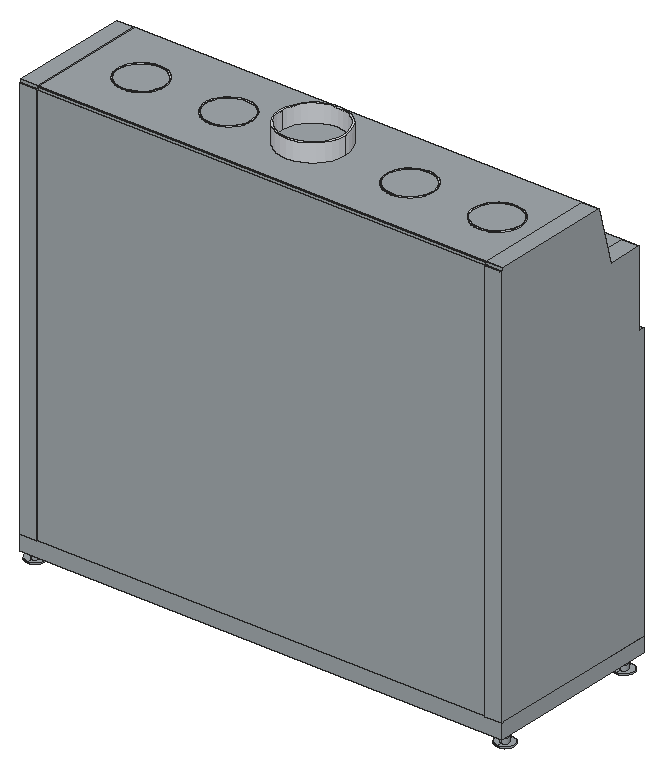
Revit family "METALFIRE_AVENUE_L_MF_1300-85_GHE_1Sa", category Mechanical Equipment, host Wall, Revit 2018
Family settings
  Host = Wall
  Round Connector Dimension = Use Diameter
  Part Type = Normal
  OmniClass Number = 23.75.00.00
  OmniClass Title = Climate Control (HVAC)
  Always vertical = Yes
  Cut with Voids When Loaded = No
  Shared = No
  Room Calculation Point = No
Parameters (values of type "MF_1300-85_GHE_1S")
  WIDTH = 1330 mm
  WEIGHT = 180.00 kg
  URL = "https://www.metalfire.eu"
  TECHNICAL SHEET = "https://www.metalfire.eu/sites/default/files/media-files/AVENUE%20L%20MF%201300-85%20GHE%201S.pdf"
  SMOKE EXHAUST = "Ø130/200 mm"
  PRODUCT SHEET = "https://www.archiproducts.com/it/prodotti/metalfire/caminetto-a-gas-chiuso-avenue-large_508485"
  PRODUCT CODE = "L MF 1300-85 GHE 1S"
  PIPE = 200 mm
  OVERALL WIDTH = 1178 mm
  OVERALL HEIGHT = 1120 mm
  OVERALL DEPTH = 444 mm
  OUTPUT = 11400 W
  Model = "Avenue"
  Manufacturer = "METALFIRE"
  MATERIAL DESCRIPTION = "Iron, galvanized steel"
  HEIGHT = 850 mm
  FRAME MATERIAL = Iron - Metalfire
  FINISHING MATERIAL = Painted steel, cast iron
  ENERGY EFFICIENCY CLASS = "B"
  Description = "The Avenue represents the gas-fired high efficiency closed fireplaces in the Metalfire range."
  BIM USER MANUAL = "https://bimcad.edilportale.com/METALFIRE-BIM-USER-MANUAL-Metalfire-bim.pdf"
  BIM BADGE = "https://bim.archiproducts.com/en/badge/bim-archiproducts-featured_658700/about"
  BIM AUTHOR = "https://bim.archiproducts.com"
Reference planes
  plane 1 "Wall": y = 0
  plane 2 "Center (Left/Right)": x = 0
  plane 3 "Back": y = 300
Forms (mm)
  Extrusion 1, void
    sketch origin (0, 300, 0) x (1, 0, 0) y (0, 0, 1)
      loop
        line (708.5, 114.8) -> (708.5, 946) -> (-717.5, 946) -> (-717.5, 114.8) -> (708.5, 114.8)
    from 0 to 508
Text (mm)
  text "Placement side" at (-1820.995, 1116.779, 0), in view "Ref. Level"
  text "Placement side" at (0, 1334.055, 2976.191), in view "Left"
  text "Placement side" at (0, 439.194, 2944.362), in view "Right"
Dimensions and locks
  locked: plane 3 "Back" to host wall
  aligned and locked: plane 1 "Wall" to host wall
  aligned and locked: nested 1 to plane 2 "Center (Left/Right)"
  aligned and locked: Extrusion 1 to plane 3 "Back"
Nested families
  nested 1: "FIREPLACE" at (0, 230, 0) x (-1, 0, 0) z (0, 0, 1), Body material <- "FRAME MATERIAL", External material <- "FINISHING MATERIAL", type "FIREPLACE"
    with External material Painted steel, cast iron, Clear glass Clear Glass - Metalfire, Body material Iron - Metalfire
Connectors
  piping at (0, -73.083, 1080), diameter 200
    settings: on nested 1, index 1, connector inside diameter 609.6 mm, connector length 0 mm, flow factor 0, pipe flow 0.0 L/s, pressure drop 0.0 Pa, fitting loss kfactor 0, connector angle 0.00°, fixture units 0, engagement length 0 mm, angle of deflection 0.00°, flow configuration 0, flow direction 2, fitting loss method 0, system type 17, joint type 0, gender type 0, connector reference index -1, connector utility 0, adjustable connector no, is connector primary yes, connector description ""
Definition of nested family "FIREPLACE"
  Parameters (values of type "FIREPLACE")
    PIPE = 200 mm
    LENGTH = 1545 mm
    HEIGHT = 1383.8 mm
    External material [instance] = none
    Clear glass [instance] = none
    Body material [instance] = none
  Reference planes
    plane 1 "Center (Front/Back)": y = 0
    plane 2: z = 0
    plane 3 "Center (Left/Right)": x = 0
    plane 4 "SX": x = -772.5
    plane 5 "DX": x = 772.5
    plane 6: z = 1383.8
    plane 7 "FEET-SX": x = -753
    plane 8 "FEET-DX": x = 753
  Forms (mm)
    Revolve 1, solid, material <- "Body material", detail levels fine
      sketch origin (-753, 0, 0) x (0, 0, 1) y (0, -1, 0)
        loop
          line (0, 0) -> (0, -30) -> (3, -30) -> (3, -12) -> (16, -12) -> (16, -8) -> (78, -8) -> (78, 0) -> (0, 0)
        axis (78, 0) -> (0, 0)
      angle from 0 to 360
    Revolve 2, solid, material <- "Body material", detail levels fine
      sketch origin (-753, 0, 0) x (0, 0, 1) y (0, -1, 0)
        loop
          line (0, -478) -> (0, -508) -> (3, -508) -> (3, -490) -> (16, -490) -> (16, -486) -> (78, -486) -> (78, -478) -> (0, -478)
        axis (78, -478) -> (0, -478)
      angle from 0 to 360
    Revolve 3, solid, material <- "Body material", detail levels fine
      sketch origin (753, 0, 0) x (0, 0, 1) y (0, -1, 0)
        loop
          line (0, 0) -> (0, -30) -> (3, -30) -> (3, -12) -> (16, -12) -> (16, -8) -> (78, -8) -> (78, 0) -> (0, 0)
        axis (78, 0) -> (0, 0)
      angle from 0 to 360
    Revolve 4, solid, material <- "Body material", detail levels fine
      sketch origin (753, 0, 0) x (0, 0, 1) y (0, -1, 0)
        loop
          line (0, -478) -> (0, -508) -> (3, -508) -> (3, -490) -> (16, -490) -> (16, -486) -> (78, -486) -> (78, -478) -> (0, -478)
        axis (78, -478) -> (0, -478)
      angle from 0 to 360
    Extrusion 5, solid, material <- "Body material", detail levels fine
      sketch origin (0, 0, 0) x (1, 0, 0) y (0, 0, 1)
        loop
          line (-772.5, 30.8) -> (772.5, 30.8) -> (772.5, 78) -> (-772.5, 78) -> (-772.5, 30.8)
      from 53 to -514
    Extrusion 6, solid, material <- "External material", detail levels medium+fine
      sketch origin (-1538.26, 0, 0) x (1, 0, 0) y (0, 0, 1)
        loop
          line (836.536, 114.8) -> (2230.536, 114.8) -> (2230.536, 946) -> (836.536, 946) -> (836.536, 114.8)
        loop
          line (826.536, 953.821) -> (826.536, 104.8) -> (2240.536, 104.8) -> (2240.536, 953.821) -> (826.536, 953.821)
      from 0 to -448
    Extrusion 7, solid, material <- "Body material", detail levels fine
      sketch origin (772.5, 0, 0) x (0, -1, 0) y (0, 0, 1)
        loop
          line (-126.133, 1383.8) -> (-512, 1383.8) -> (-512, 1374.5) -> (-512, 1373.5) -> (-513, 1373.5) -> (-514, 1373.5) -> (-514, 78) -> (-513, 78) -> (-511, 78) -> (35, 78) -> (53, 78) -> (53, 963.5) -> (34.1, 963.5) -> (34.1, 1207.5) -> (-78.894, 1207.5) -> (-126.133, 1383.8)
      from 0 to 55
    Extrusion 8, solid, material <- "Clear glass", detail levels medium+fine
      sketch origin (0, 0, 0) x (1, 0, 0) y (0, 0, 1)
        loop
          line (-708.5, 114.8) -> (708.5, 114.8) -> (708.5, 946) -> (-708.5, 946) -> (-708.5, 114.8)
      from 49.043 to 53
    Extrusion 9, solid, material <- "External material", detail levels medium+fine
      sketch origin (0, 0, 0) x (1, 0, 0) y (0, 0, 1)
        loop
          line (-708.5, 121) -> (708.5, 121) -> (708.5, 953.821) -> (-708.5, 953.821) -> (-708.5, 121)
      from -448 to -438
    Extrusion 10, solid, material <- "Body material", detail levels fine
      sketch origin (-772.5, 0, 0) x (0, -1, 0) y (0, 0, 1)
        loop
          line (-126.133, 1383.8) -> (-512, 1383.8) -> (-512, 1374.5) -> (-512, 1373.5) -> (-513, 1373.5) -> (-514, 1373.5) -> (-514, 78) -> (-513, 78) -> (-511, 78) -> (35, 78) -> (53, 78) -> (53, 963.5) -> (34.1, 963.5) -> (34.1, 1207.5) -> (-78.894, 1207.5) -> (-126.133, 1383.8)
      from 0 to -55
    Extrusion 11, solid, material <- "Body material", detail levels fine
      sketch origin (-717.5, 0, 0) x (0, 1, 0) y (0, 0, 1)
        loop
          line (126.133, 1383.8) -> (78.894, 1207.5) -> (-34.1, 1207.5) -> (-34.1, 963.5) -> (-53, 963.5) -> (-53, 78) -> (-35, 78) -> (511, 78) -> (513, 78) -> (514, 78) -> (514, 1373.5) -> (513, 1373.5) -> (512, 1373.5) -> (512, 1382.8) -> (512, 1383.8) -> (126.133, 1383.8)
      from 1435 to -55
    Extrusion 12, void
      sketch origin (0, 0, 0) x (1, 0, 0) y (0, 0, 1)
        loop
          line (-713.066, 946) -> (-713.066, 114.8) -> (689.277, 114.8) -> (689.277, 946) -> (-713.066, 946)
      from -438 to 250
    Extrusion 13, solid
      sketch origin (-717.5, 128.357, 1383.8) x (0, 1, 0) y (-1, 0, 0)
        loop
          circle (188.604, -118) r 75
        loop
          circle (188.604, -118) r 73
        loop
          circle (188.604, -398) r 75
        loop
          circle (188.604, -398) r 73
        loop
          circle (188.604, -979.5) r 75
        loop
          circle (188.604, -979.5) r 73
        loop
          circle (188.604, -1259.5) r 75
        loop
          circle (188.604, -1259.5) r 73
      from 0 to 1
    Extrusion 14, solid
      sketch origin (-764.5, 128.357, 1383.8) x (0, 1, 0) y (-1, 0, 0)
        loop
          circle (178.845, -764.5) r 105
        loop
          circle (178.845, -764.5) r 100
      from 0 to 57
  Cuts and joins
    joined: Revolve 1, Revolve 2, Revolve 3, Revolve 4
    joined: Extrusion 6, Extrusion 9
    Extrusion 12 cuts Extrusion 11
  Dimensions and locks
    equal spacing: plane 4 "SX", plane 3 "Center (Left/Right)", plane 5 "DX"
    "LENGTH": plane 4 "SX" to plane 5 "DX"
    "HEIGHT": plane 6 to level
    locked: plane 4 "SX" to plane 7 "FEET-SX" at 19.5
    locked: plane 8 "FEET-DX" to plane 5 "DX" at 19.5
    aligned and locked: level to plane 2
    aligned and locked: Extrusion 11 to Extrusion 7
  Automatic sketch dimensions
    level to Extrusion 5 sketch curve = 78 mm
    Extrusion 5 sketch curve to plane 4 "SX" = 0 mm
    plane 5 "DX" to Extrusion 5 sketch curve = 0 mm
    Extrusion 5 sketch curve to Extrusion 5 sketch curve = 47.2 mm
    Extrusion 7 sketch curve to plane 1 "Center (Front/Back)" = 514 mm
    Extrusion 7 sketch curve to Extrusion 7 sketch curve = 1 mm  (x4)
    Extrusion 7 sketch curve to Extrusion 7 sketch curve = 2 mm
    Extrusion 7 sketch curve to plane 1 "Center (Front/Back)" = 126.133 mm
    Extrusion 7 sketch curve to plane 1 "Center (Front/Back)" = 78.894 mm
    plane 1 "Center (Front/Back)" to Extrusion 7 sketch curve = 34.1 mm
    plane 1 "Center (Front/Back)" to Extrusion 7 sketch curve = 35 mm
    Extrusion 7 sketch curve to Extrusion 7 sketch curve = 18 mm
    level to Extrusion 7 sketch curve = 78 mm
    Extrusion 7 sketch curve to Extrusion 7 sketch curve = 885.5 mm
    Extrusion 7 sketch curve to Extrusion 7 sketch curve = 244 mm
    Extrusion 7 sketch curve to Extrusion 7 sketch curve = 166 mm
    Extrusion 7 sketch curve to Extrusion 7 sketch curve = 9.3 mm
    Extrusion 8 sketch curve to plane 4 "SX" = 64 mm
    plane 5 "DX" to Extrusion 8 sketch curve = 64 mm
    level to Extrusion 8 sketch curve = 114.8 mm
    Extrusion 8 sketch curve to Extrusion 8 sketch curve = 831.2 mm
    Extrusion 9 sketch curve to plane 4 "SX" = 64 mm
    plane 5 "DX" to Extrusion 9 sketch curve = 64 mm
    level to Extrusion 9 sketch curve = 121 mm
    Extrusion 9 sketch curve to Extrusion 9 sketch curve = 832.821 mm
    Extrusion 10 sketch curve to plane 1 "Center (Front/Back)" = 514 mm
    Extrusion 10 sketch curve to Extrusion 10 sketch curve = 1 mm  (x4)
    Extrusion 10 sketch curve to Extrusion 10 sketch curve = 2 mm
    Extrusion 10 sketch curve to plane 1 "Center (Front/Back)" = 126.133 mm
    Extrusion 10 sketch curve to plane 1 "Center (Front/Back)" = 78.894 mm
    plane 1 "Center (Front/Back)" to Extrusion 10 sketch curve = 34.1 mm
    plane 1 "Center (Front/Back)" to Extrusion 10 sketch curve = 35 mm
    Extrusion 10 sketch curve to Extrusion 10 sketch curve = 18 mm
    level to Extrusion 10 sketch curve = 78 mm
    Extrusion 10 sketch curve to Extrusion 10 sketch curve = 885.5 mm
    Extrusion 10 sketch curve to Extrusion 10 sketch curve = 244 mm
    Extrusion 10 sketch curve to Extrusion 10 sketch curve = 166 mm
    Extrusion 10 sketch curve to Extrusion 10 sketch curve = 9.3 mm
    Extrusion 6 sketch curve to plane 4 "SX" = 60.777 mm
    Extrusion 6 sketch curve to Extrusion 6 sketch curve = 10 mm  (x3)
    plane 5 "DX" to Extrusion 6 sketch curve = 80.223 mm
    level to Extrusion 6 sketch curve = 104.8 mm
    plane 6 to Extrusion 6 sketch curve = 437.8 mm
    Extrusion 6 sketch curve to Extrusion 6 sketch curve = 7.821 mm
    Extrusion 11 sketch curve to Extrusion 10 = 0 mm  (x9)
    Extrusion 10 to Extrusion 11 sketch curve = 0 mm  (x2)
    Extrusion 11 sketch curve to Extrusion 11 sketch curve = 1 mm  (x2)
    Extrusion 10 to Extrusion 11 sketch curve = 1 mm  (x2)
    Extrusion 11 sketch curve to Extrusion 10 = 0.9 mm
    plane 5 "DX" to Extrusion 12 sketch curve = 1485.566 mm
    level to Extrusion 12 sketch curve = 114.8 mm
    Extrusion 12 sketch curve to Extrusion 12 sketch curve = 1402.342 mm
    plane 6 to Extrusion 12 sketch curve = 437.8 mm
    Revolve 1 sketch curve to plane 1 "Center (Front/Back)" = 0 mm  (x2)
    Revolve 1 sketch curve to level = 0 mm
    level to Revolve 1 sketch curve = 3 mm
    Revolve 1 sketch curve to Revolve 1 sketch curve = 13 mm
    Revolve 1 sketch curve to Revolve 1 sketch curve = 62 mm
    Revolve 1 sketch curve to Revolve 1 sketch curve = 8 mm
    Revolve 1 sketch curve to Revolve 1 sketch curve = 4 mm
    Revolve 1 sketch curve to Revolve 1 sketch curve = 18 mm
    Revolve 1 sketch curve to level = 38.099 mm
    Revolve 1 sketch curve to Revolve 1 sketch curve = 58.901 mm
    Revolve 2 sketch curve to level = 0 mm
    level to Revolve 2 sketch curve = 3 mm
    Revolve 2 sketch curve to Revolve 2 sketch curve = 13 mm
    Revolve 2 sketch curve to Revolve 2 sketch curve = 62 mm
    Revolve 2 sketch curve to plane 1 "Center (Front/Back)" = 508 mm
    Revolve 2 sketch curve to Revolve 2 sketch curve = 18 mm
    Revolve 2 sketch curve to Revolve 2 sketch curve = 4 mm
    Revolve 2 sketch curve to Revolve 2 sketch curve = 12 mm
    Revolve 2 sketch curve to Revolve 2 sketch curve = 38.099 mm
    Revolve 2 sketch curve to Revolve 2 sketch curve = 58.901 mm
    Revolve 2 sketch curve to Revolve 2 sketch curve = 0 mm
    Revolve 3 sketch curve to plane 1 "Center (Front/Back)" = 0 mm  (x2)
    Revolve 3 sketch curve to level = 0 mm
    Revolve 3 sketch curve to level = 3 mm
    Revolve 3 sketch curve to Revolve 3 sketch curve = 13 mm
    Revolve 3 sketch curve to Revolve 3 sketch curve = 62 mm
    Revolve 3 sketch curve to Revolve 3 sketch curve = 8 mm
    Revolve 3 sketch curve to Revolve 3 sketch curve = 4 mm
    Revolve 3 sketch curve to Revolve 3 sketch curve = 18 mm
    Revolve 3 sketch curve to Revolve 3 sketch curve = 38.099 mm
    Revolve 3 sketch curve to Revolve 3 sketch curve = 58.901 mm
    Revolve 4 sketch curve to level = 0 mm
    Revolve 4 sketch curve to level = 3 mm
    Revolve 4 sketch curve to Revolve 4 sketch curve = 13 mm
    Revolve 4 sketch curve to Revolve 4 sketch curve = 62 mm
    plane 1 "Center (Front/Back)" to Revolve 4 sketch curve = 508 mm
    Revolve 4 sketch curve to Revolve 4 sketch curve = 18 mm
    Revolve 4 sketch curve to Revolve 4 sketch curve = 4 mm
    Revolve 4 sketch curve to Revolve 4 sketch curve = 12 mm
    Revolve 4 sketch curve to Revolve 4 sketch curve = 38.099 mm
    Revolve 4 sketch curve to Revolve 4 sketch curve = 58.901 mm
    Revolve 4 sketch curve to Revolve 4 sketch curve = 0 mm
    Extrusion 14 sketch curve to Extrusion 14 sketch curve = 0 mm  (x8)
    Extrusion 11 to Extrusion 14 sketch curve = 204.797 mm
    Extrusion 14 sketch curve to Extrusion 14 sketch curve = 5 mm
    Extrusion 11 to Extrusion 14 sketch curve = 717.5 mm
    Extrusion 14 sketch curve to Extrusion 14 sketch curve = 100 mm
    Extrusion 13 sketch curve to Extrusion 13 sketch curve = 0 mm  (x8)
    Extrusion 11 to Extrusion 13 sketch curve = 190.828 mm  (x4)
    Extrusion 11 to Extrusion 13 sketch curve = 175.5 mm
    Extrusion 13 sketch curve to Extrusion 13 sketch curve = 280 mm
    Extrusion 11 to Extrusion 13 sketch curve = 453 mm
    Extrusion 11 to Extrusion 13 sketch curve = 173 mm
    radius of Extrusion 13 sketch curve = 75 mm  (x4)
    radius of Extrusion 13 sketch curve = 73 mm  (x4)
  Connectors
    hvac at (0, 307.203, 1440.8), driven by "PIPE"
      settings: on Extrusion 14, index 1, duct flow 0.0 L/s, flow factor 0, pres drop 0.0 Pa, loss coef 0, conn angle 0.00°, conn width 304.8 mm, conn height 304.8 mm, conn diameter 200 mm, duct sys type 3, conn prof type 0, flow config 0, flow direction 0, loss method 0, conn ref index -1, conn util no, is conn primary yes, conn desc ""
